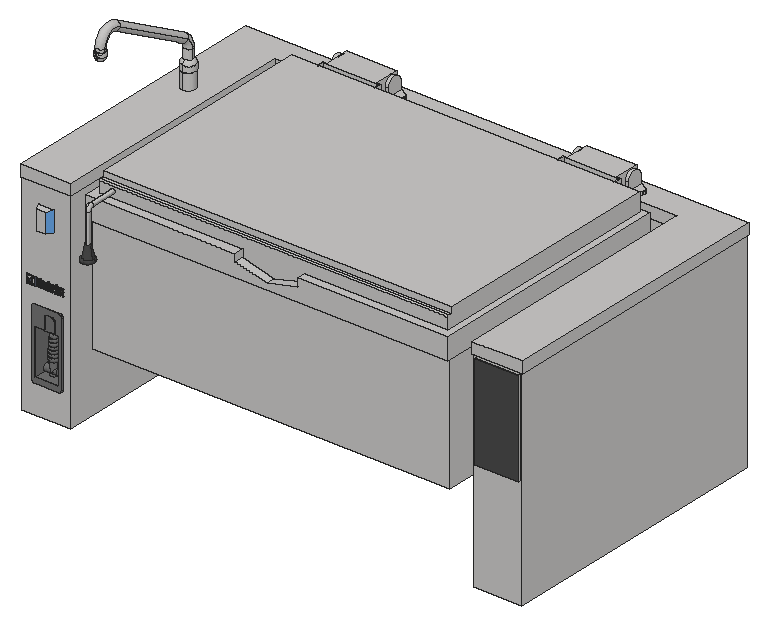
Revit family "QF_ELECTROLUXPROFESSIONAL_586932_PFET17ERES", category Specialty Equipment, Revit 2018
Family settings
  Round Connector Dimension = Use Radius
  Part Type = Normal
  Work Plane-Based = No
  Always vertical = Yes
  Cut with Voids When Loaded = No
  Shared = Yes
  Room Calculation Point = No
Parameters (values of type "Standard")
  Weight = 300.00 kg
  Watts = 0 W
  Volts = 400 V
  URL Manufacturer = "http://professional.electrolux.com"
  URL = "http://professional.electrolux.com"
  Steam Supply Size = 0"
  Steam Supply Minimum Pressure = 0.00 psi
  Steam Supply Maximum Pressure = 0.00 psi
  Steam Pounds per Hour = 0
  Show Logo [instance] = yes
  Refrigeration Suction Line Size = 0"
  Refrigeration Liquid Line Size = 0"
  Refrigerant Compressor Remote = yes
  Plinth Base Finish [instance] = QF_Finishes_Concrete
  Plinth Base [instance] = not(Base Height = 500.00 mm)  # yes
  Phase = 3
  Model = "PFET17ERES"
  Manufacturer = "Electrolux Professional"
  Length Actual = 1600.00 mm  # constant formula
  Item Number = "586932"
  Hot Water Size = 1/2"
  Height Actual = 700.00 mm  # constant formula
  HP = "27.6 HP"
  Gas Size = 0"
  Gas KW = 0
  Gas Input Pressure = 0.0 Btu/h
  Direct Waste Size = 0"
  Description = "EL.TILTING BRAISING PAN,AUTO H/C WATER INLET,SPRAY GUN, 170L, COMPOUND,H700,FS,D900,REAR CLS KIT,GUID.COOK.S"
  Depth Actual = 900.00 mm  # constant formula
  Cycle = 50 Hz
  Condensate Return Size = 0"
  Compressed Air Volume = 0 GPM
  Compressed Air Size = 0"
  Compressed Air Pressure = 0.00 psi
  Cold Water Size = 1/2"
  Bracket [instance] = Base Height = 500.00 mm  # no
  Body Finish [instance] = QF_Finishes_Stainless Steel
  Base Height = 200.00 mm
  Show Clearance [instance] = yes
  Assembly Code = ""
  Accessory = yes
Reference planes
  plane 1 "BACK": y = 0
  plane 2: z = 0
  plane 3 "LEFT": x = 0
  plane 4 "RIGHT": x = 1600
  plane 5 "FRONT": y = -900
  plane 6 "TOP": z = 900
  plane 7: z = 200
  plane 8 "Center": x = 800
  plane 9: y = -450
  plane 10: y = -920
  plane 11: z = 913.881
  plane 12: z = 1845
  plane 13: y = -971
Forms (mm)
  Extrusion 1, solid, material "QF_Finishes_Stainless Steel" <- "Body Finish"
    sketch origin (0, 0, 900) x (-1, 0, 0) y (0, -1, 0)
      loop
        line (0, 0) -> (0, 900) -> (-160, 900) -> (-160, 86) -> (-1440, 86) -> (-1440, 900) -> (-1600, 900) -> (-1600, 0) -> (0, 0)
    from 0 to -35
  Extrusion 2, solid, material "QF_Finishes_Stainless Steel" <- "Body Finish"
    sketch origin (0, 0, 0) x (1, 0, 0) y (0, 0, 1)
      loop
        line (157, 865) -> (157, 500) -> (1443, 500) -> (1443, 865) -> (157, 865)
    from 3 to 83
  Extrusion 3, solid, material "QF_Finishes_Stainless Steel" <- "Body Finish"
    sketch origin (0, 0, 0) x (1, 0, 0) y (0, 0, 1)
      loop
        line (230, 454.5) -> (1370, 454.5) -> (1370, 833) -> (230, 833) -> (230, 454.5)
    from 120.7 to 900
  Extrusion 4, solid, material "QF_Finishes_Stainless Steel" <- "Body Finish"
    sketch origin (-975.299, -4572, 900) x (-1, 0, 0) y (0, -1, 0)
      loop
        line (-1300.839, -4446.3) -> (-1304.839, -4446.3) -> (-1304.839, -4467) -> (-1480.839, -4467) -> (-1480.839, -4446.3) -> (-1484.839, -4446.3) -> (-1484.839, -4471) -> (-1472.239, -4471) -> (-1472.239, -4549.945) -> (-1313.239, -4549.945) -> (-1313.239, -4471) -> (-1300.839, -4471) -> (-1300.839, -4446.3)
      loop
        line (-2249.759, -4446.3) -> (-2249.759, -4471) -> (-2237.359, -4471) -> (-2237.359, -4549.945) -> (-2078.359, -4549.945) -> (-2078.359, -4471) -> (-2065.759, -4471) -> (-2065.759, -4446.3) -> (-2069.759, -4446.3) -> (-2069.759, -4467) -> (-2245.759, -4467) -> (-2245.759, -4446.3) -> (-2249.759, -4446.3)
    from 11 to 56
  Sweep 5, solid, material "QF_Finishes_Stainless Steel" <- "Body Finish"
    path origin (287.976, 0, 0) x (0, 1, 0) y (0, 0, 1)
      loop
        line (-890.7, 920) -> (-978.7, 920)
        arc (-978.7, 920) -> (-987.27, 916.45) -> (-990.819, 907.881) r 12.119
        line (-990.819, 907.881) -> (-990.819, 813.956)
    profile origin (287.976, -934.7, 920) x (0, 0, -1) y (1, 0, 0)
      loop
        circle (0, 0) r 6.119
  Revolve 6, solid, material "QF_Finishes_Black"
    sketch origin (0, -990.819, 0) x (1, 0, 0) y (0, 0, 1)
      loop
        line (287.976, 764.909) -> (304.041, 764.909)
        arc (304.041, 764.909) -> (309.041, 769.909) -> (304.041, 774.909) r 5
        line (304.041, 774.909) -> (296.452, 813.956) -> (287.976, 813.956) -> (287.976, 764.909)
      axis (287.976, 813.956) -> (287.976, 764.909)
    angle from 0 to 360
  Extrusion 7, void
    sketch origin (0, -820, 0) x (1, 0, 0) y (0, 0, 1)
      loop
        line (700.793, 900) -> (700.793, 876.744) -> (800.793, 851.202) -> (900.793, 876.744) -> (900.793, 900) -> (700.793, 900)
    from 70.7 to 100
  Extrusion 8, solid, material "QF_Finishes_Stainless Steel" <- "Body Finish"
    sketch origin (337.94, -101, 900) x (0, 1, 0) y (0, 0, -1)
      loop
        line (31, 0) -> (31, -32)
        arc (31, -32) -> (54.973, -55.973) -> (78.945, -32) r 23.973
        line (78.945, -32) -> (78.945, 0) -> (31, 0)
    from 0 to 12.9
  Extrusion 9, solid, material "QF_Finishes_Stainless Steel" <- "Body Finish"
    sketch origin (509.84, -101, 900) x (0, 1, 0) y (0, 0, -1)
      loop
        line (31, 0) -> (31, -32)
        arc (31, -32) -> (54.973, -55.973) -> (78.945, -32) r 23.973
        line (78.945, -32) -> (78.945, 0) -> (31, 0)
    from 0 to 12.9
  Extrusion 10, solid, material "QF_Finishes_Stainless Steel" <- "Body Finish"
    sketch origin (862.06, -101, 900) x (0, 1, 0) y (0, 0, 1)
      loop
        line (31, 0) -> (78.945, 0) -> (78.945, 32)
        arc (78.945, 32) -> (54.973, 55.973) -> (31, 32) r 23.973
        line (31, 32) -> (31, 0)
    from 400 to 412.9
  Extrusion 11, solid, material "QF_Finishes_Stainless Steel" <- "Body Finish"
    sketch origin (690.16, -101, 900) x (0, 1, 0) y (0, 0, 1)
      loop
        line (31, 0) -> (78.945, 0) -> (78.945, 32)
        arc (78.945, 32) -> (54.973, 55.973) -> (31, 32) r 23.973
        line (31, 32) -> (31, 0)
    from 400 to 412.9
  Extrusion 12, solid, material "QF_Finishes_Stainless Steel" <- "Body Finish"
    sketch origin (1443, -897, 0) x (1, 0, 0) y (0, 0, 1)
      loop
        line (7, 553.501) -> (147, 553.501) -> (147, 855) -> (7, 855) -> (7, 553.501)
    from 0 to 5
  Blend 13, solid, material "QF_Finishes_Stainless Steel" <- "Body Finish"
    base sketch origin (157, -897, 0) x (-1, 0, 0) y (0, 0, -1)
      loop
        line (100.5, -805.4) -> (100.5, -738.6) -> (53.5, -738.6) -> (53.5, -805.4) -> (100.5, -805.4)
    top sketch origin (157, -897, 0) x (-1, 0, 0) y (0, 0, -1)
      loop
        line (90.448, -802.617) -> (90.448, -741.383) -> (63.552, -741.383) -> (63.552, -802.617) -> (90.448, -802.617)
    from 0 to 20.065
  Extrusion 14, solid, material "QF_Finishes_Stainless Steel" <- "Body Finish"
    sketch origin (0, 0, 900) x (-1, 0, 0) y (0, -1, 0)
      loop
        line (-298.768, 36.346) -> (-295.234, 39.408) -> (-293.291, 43.662) -> (-293.291, 47.996) -> (-295.234, 52.592) -> (-298.768, 55.654) -> (-325.04, 70) -> (-325.04, 22) -> (-298.768, 36.346)
      loop
        line (-536.112, 36.346) -> (-509.84, 22) -> (-509.84, 70) -> (-536.112, 55.654) -> (-539.646, 52.592) -> (-541.589, 47.996) -> (-541.589, 43.662) -> (-539.646, 39.408) -> (-536.112, 36.346)
      loop
        line (-1063.888, 36.346) -> (-1060.354, 39.408) -> (-1058.411, 43.662) -> (-1058.411, 47.996) -> (-1060.354, 52.592) -> (-1063.888, 55.654) -> (-1090.16, 70) -> (-1090.16, 22) -> (-1063.888, 36.346)
      loop
        line (-1301.232, 36.346) -> (-1274.96, 22) -> (-1274.96, 70) -> (-1301.232, 55.654) -> (-1304.766, 52.592) -> (-1306.709, 47.996) -> (-1306.709, 43.662) -> (-1304.766, 39.408) -> (-1301.232, 36.346)
    from 0 to 8
  Extrusion 15, solid, material "QF_Finishes_Stainless Steel" <- "Body Finish"
    sketch origin (0, 0, 0) x (0, 1, 0) y (0, 0, 1)
      loop
        line (-875.7, 957.5) -> (-875.7, 939.75) -> (-887.664, 939.75)
        arc (-887.664, 939.75) -> (-889.835, 938.566) -> (-890.7, 936.25) r 3.536
        line (-890.7, 936.25) -> (-890.7, 900) -> (-125.7, 900) -> (-125.7, 957.5) -> (-875.7, 957.5)
    from 245.454 to 1355.493
  Revolve 16, solid, material "QF_Finishes_Stainless Steel" <- "Body Finish"
    sketch origin (-975.299, -4572, 730) x (-1, 0, 0) y (0, -1, 0)
      loop
        line (-1205.299, -4000) -> (-1138.736, -4000) -> (-1138.736, -4030) -> (-1132.299, -4030) -> (-1132.299, -3943) -> (-1205.299, -3943) -> (-1205.299, -4000)
      loop
        line (-2345.299, -4000) -> (-2345.299, -3943) -> (-2418.299, -3943) -> (-2418.299, -4030) -> (-2411.861, -4030) -> (-2411.861, -4000) -> (-2345.299, -4000)
      axis (-1132.299, -3943) -> (-2418.299, -3943)
    angle from 0 to 360
  Extrusion 17, solid, material "QF_Finishes_Stainless Steel" <- "Body Finish", visible <- "Bracket"
    sketch origin (0, 0, -400) x (0, 1, 0) y (0, 0, 1)
      loop
        line (0, 900) -> (-200, 900) -> (-200, 850) -> (-136.36, 786.36) -> (0, 786.36) -> (0, 900)
    from 25.741 to 134.773
  Extrusion 18, solid, material "QF_Finishes_Stainless Steel" <- "Body Finish", visible <- "Bracket"
    sketch origin (1040, 0, -400) x (0, 1, 0) y (0, 0, 1)
      loop
        line (0, 900) -> (-200, 900) -> (-200, 850) -> (-136.36, 786.36) -> (0, 786.36) -> (0, 900)
    from 425.741 to 534.773
  Extrusion 19, solid, material "QF_Finishes_Stainless Steel" <- "Body Finish"
    sketch origin (-975.299, -4572, 900) x (-1, 0, 0) y (0, -1, 0)
      loop
        line (-1199.802, -4456.3) -> (-1199.802, -3652) -> (-2353.192, -3652) -> (-2353.192, -4456.3) -> (-1199.802, -4456.3)
    from -67 to 0
  Extrusion 20, solid, material "QF_Finishes_Clearance", visible <- "Show Clearance", detail levels coarse
    sketch origin (337.94, -101, 900) x (0, 1, 0) y (0, 0, -1)
      loop
        line (-159.261, -945) -> (78.945, -56) -> (-791.055, -56)
        arc (-791.055, -56) -> (-654.561, -627.998) -> (-159.261, -945) r 785.603
    from -1017.553 to 92.486
  Extrusion 21, solid, material "QF_Finishes_Clearance", visible <- "Show Clearance", detail levels coarse
    sketch origin (600, 0, 0) x (0, 1, 0) y (0, 0, 1)
      loop
        line (-900, 450.365) -> (-900, 833) -> (-920, 833) -> (-920, 900)
        arc (-920, 900) -> (-971.101, 672.465) -> (-900, 450.365) r 444.593
    from -375.497 to 777.893
  Extrusion 22, solid, material "QF_Finishes_Stainless Steel"
    sketch origin (0, 0, 386.36) x (0, 0, 1) y (1, 0, 0)
      loop
        circle (8.64, 106.204) r 6.35
      loop
        circle (8.64, 46.204) r 6.35
    from 0 to 5
  Extrusion 23, solid, material "QF_Finishes_Stainless Steel"
    sketch origin (1040, 0, 386.36) x (0, 0, 1) y (1, 0, 0)
      loop
        circle (8.64, 481.204) r 6.35
    from 0 to 5
  Extrusion 24, solid, material "QF_Finishes_Stainless Steel" <- "Body Finish"
    sketch origin (0, -100, 0) x (1, 0, 0) y (0, 1, 0)
      loop
        line (157, 97) -> (3, 97) -> (3, -797) -> (157, -797) -> (157, 97)
      loop
        line (1597, 97) -> (1443, 97) -> (1443, -797) -> (1597, -797) -> (1597, 97)
    from 200 to 865
  Extrusion 25, solid, material "Navy Blue", visible <- "Show Logo"
    sketch origin (160, -897, 0) x (-1, 0, 0) y (0, 0, -1)
      loop
        line (101.332, -593.18) -> (109.793, -593.18) -> (109.793, -583.327)
        arc (109.793, -583.327) -> (108.679, -580.639) -> (105.991, -579.525) r 3.802
        line (105.991, -579.525) -> (101.168, -579.525) -> (101.168, -581.736) -> (105.441, -581.736)
        arc (105.441, -581.736) -> (106.845, -582.21) -> (107.442, -583.566) r 1.838
        line (107.442, -583.566) -> (107.442, -585.52) -> (101.698, -585.52) -> (101.698, -587.738) -> (107.442, -587.738) -> (107.442, -590.968) -> (101.332, -590.968) -> (101.332, -593.18)
      loop
        line (99.498, -593.18) -> (99.498, -579.525) -> (97.146, -579.525) -> (97.146, -593.18) -> (99.498, -593.18)
      loop
        line (48.417, -593.18) -> (48.417, -579.525) -> (46.064, -579.525) -> (46.064, -593.18) -> (48.417, -593.18)
      loop
        line (93.257, -583.886) -> (85.539, -583.886)
        arc (85.539, -583.886) -> (86.746, -588.126) -> (90.874, -589.672) r 4.89
        arc (90.874, -589.672) -> (94.51, -587.828) -> (95.548, -583.886) r 4.976
        arc (95.548, -583.886) -> (94.182, -580.589) -> (90.886, -579.224) r 4.662
        arc (90.886, -579.224) -> (88.32, -579.602) -> (86.169, -581.05) r 5.86
        line (86.169, -581.05) -> (87.562, -582.444)
        arc (87.562, -582.444) -> (89.391, -581.347) -> (91.516, -581.531) r 3.458
        arc (91.516, -581.531) -> (92.812, -582.394) -> (93.257, -583.886) r 2.29
      loop
        line (93.198, -585.539) -> (87.902, -585.539)
        arc (87.902, -585.539) -> (88.645, -587.103) -> (90.278, -587.679) r 2.256
        arc (90.278, -587.679) -> (92.162, -587.188) -> (93.198, -585.539) r 2.64
      loop
        line (76.371, -586.524) -> (74.894, -588)
        arc (74.894, -588) -> (76.746, -589.341) -> (78.997, -589.742) r 5.117
        arc (78.997, -589.742) -> (82.429, -588.487) -> (84.231, -585.308) r 5.293
        arc (84.231, -585.308) -> (81.194, -579.733) -> (74.977, -581.018) r 5.33
        line (74.977, -581.018) -> (76.446, -582.487)
        arc (76.446, -582.487) -> (79.616, -581.438) -> (81.887, -583.886) r 3.088
        arc (81.887, -583.886) -> (81.729, -585.821) -> (80.396, -587.234) r 2.933
        arc (80.396, -587.234) -> (78.264, -587.559) -> (76.371, -586.524) r 3.369
      loop
        line (73.45, -593.18) -> (73.45, -583.849)
        arc (73.45, -583.849) -> (73.246, -582.449) -> (72.722, -581.135) r 6.031
        arc (72.722, -581.135) -> (71.044, -579.8) -> (68.918, -579.519) r 4.018
        line (68.918, -579.519) -> (68.918, -581.723)
        arc (68.918, -581.723) -> (69.55, -581.771) -> (70.139, -582.005) r 2.118
        arc (70.139, -582.005) -> (70.895, -582.804) -> (71.098, -583.886) r 1.949
        line (71.098, -583.886) -> (71.098, -587.265) -> (68.962, -587.265) -> (68.962, -589.401) -> (71.098, -589.401) -> (71.098, -593.18) -> (73.45, -593.18)
      loop
        arc (64.65, -584.717) -> (64.482, -585.701) -> (63.997, -586.574) r 2.967
        arc (63.997, -586.574) -> (62.588, -587.297) -> (61.004, -587.265) r 3.231
        line (61.004, -587.265) -> (61.004, -589.525)
        arc (61.004, -589.525) -> (63.073, -589.33) -> (64.65, -587.977) r 3.432
        line (64.65, -587.977) -> (64.65, -589.401) -> (66.983, -589.401) -> (66.983, -579.525) -> (64.65, -579.525) -> (64.65, -584.717)
      loop
        circle (55.254, -584.461) r 5.233
      loop
        circle (55.254, -584.461) r 3.172
      loop
        arc (37.582, -583.638) -> (38.162, -582.041) -> (39.738, -581.405) r 2.088
        arc (39.738, -581.405) -> (41.313, -582.041) -> (41.894, -583.638) r 2.088
        line (41.894, -583.638) -> (41.894, -589.401) -> (44.266, -589.401) -> (44.266, -583.442)
        arc (44.266, -583.442) -> (42.916, -580.365) -> (39.738, -579.275) r 4.181
        arc (39.738, -579.275) -> (36.524, -580.398) -> (35.211, -583.539) r 4.181
        line (35.211, -583.539) -> (35.211, -589.401) -> (37.582, -589.401) -> (37.582, -583.638)
      loop
        line (33.789, -589.401) -> (30.374, -584.764) -> (34.126, -579.522) -> (31.598, -579.522) -> (29.107, -583.001) -> (26.58, -579.522) -> (24.068, -579.522) -> (27.767, -584.817) -> (24.385, -589.401) -> (26.952, -589.401) -> (29.115, -586.469) -> (31.245, -589.401) -> (33.789, -589.401)
      loop
        line (108.47, -573.865) -> (110.346, -573.865) -> (110.346, -569.143) -> (109.319, -569.143) -> (109.319, -570.769) -> (108.185, -570.769)
        arc (108.185, -570.769) -> (106.916, -572.447) -> (108.47, -573.865) r 1.561
      loop
        arc (108.23, -571.697) -> (107.841, -572.304) -> (108.23, -572.911) r 0.668
        line (108.23, -572.911) -> (109.319, -572.911) -> (109.319, -571.697) -> (108.23, -571.697)
      loop
        line (101.061, -573.865) -> (102.968, -573.865) -> (102.968, -569.143) -> (101.942, -569.143) -> (101.942, -570.769) -> (100.949, -570.769) -> (100.27, -569.143) -> (99.168, -569.143) -> (100.097, -571.134)
        arc (100.097, -571.134) -> (99.652, -571.665) -> (99.502, -572.343) r 1.458
        arc (99.502, -572.343) -> (99.971, -573.421) -> (101.061, -573.865) r 1.559
      loop
        line (101.942, -572.911) -> (101.942, -571.697) -> (100.852, -571.697)
        arc (100.852, -571.697) -> (100.464, -572.304) -> (100.852, -572.911) r 0.668
        line (100.852, -572.911) -> (101.942, -572.911)
      loop
        circle (93.139, -571.504) r 2.453
      loop
        circle (93.139, -571.504) r 1.557
      loop
        line (86.655, -573.865) -> (86.655, -569.143) -> (85.654, -569.143) -> (85.654, -570.793) -> (83.876, -570.793) -> (83.876, -571.851) -> (85.654, -571.851) -> (85.654, -572.847) -> (83.706, -572.847) -> (83.706, -573.865) -> (86.655, -573.865)
      loop
        line (79.724, -573.865) -> (79.724, -570.677)
        arc (79.724, -570.677) -> (79.288, -569.596) -> (78.213, -569.146) r 1.51
        line (78.213, -569.146) -> (76.689, -569.146) -> (76.689, -570.038) -> (78.122, -570.038)
        arc (78.122, -570.038) -> (78.65, -570.475) -> (78.753, -571.151) r 0.961
        line (78.753, -571.151) -> (76.866, -571.151) -> (76.866, -572.043) -> (78.753, -572.043) -> (78.753, -572.973) -> (76.735, -572.973) -> (76.735, -573.865) -> (79.724, -573.865)
      loop
        arc (62.624, -573.267) -> (63.249, -573.78) -> (64.041, -573.943) r 1.69
        arc (64.041, -573.943) -> (64.773, -573.764) -> (65.374, -573.31) r 1.872
        arc (65.374, -573.31) -> (65.486, -572.238) -> (64.794, -571.411) r 1.385
        arc (64.794, -571.411) -> (64.212, -571.217) -> (63.66, -570.95) r 4.78
        arc (63.66, -570.95) -> (63.312, -570.539) -> (63.552, -570.057) r 0.489
        arc (63.552, -570.057) -> (63.998, -569.952) -> (64.442, -570.065) r 0.963
        arc (64.442, -570.065) -> (64.826, -570.341) -> (65.061, -570.752) r 1.118
        line (65.061, -570.752) -> (65.887, -570.367)
        arc (65.887, -570.367) -> (65.589, -569.793) -> (65.11, -569.36) r 1.815
        arc (65.11, -569.36) -> (64.566, -569.127) -> (63.978, -569.068) r 1.957
        arc (63.978, -569.068) -> (63.25, -569.213) -> (62.595, -569.561) r 2.556
        arc (62.595, -569.561) -> (62.305, -570.331) -> (62.455, -571.139) r 1.535
        arc (62.455, -571.139) -> (62.778, -571.512) -> (63.19, -571.781) r 1.779
        arc (63.19, -571.781) -> (63.712, -572.014) -> (64.248, -572.215) r 9.371
        arc (64.248, -572.215) -> (64.557, -572.696) -> (64.11, -573.053) r 0.427
        arc (64.11, -573.053) -> (63.575, -572.924) -> (63.163, -572.558) r 1.135
        line (63.163, -572.558) -> (62.624, -573.267)
      loop
        line (58.291, -573.865) -> (58.291, -569.146) -> (57.321, -569.146) -> (57.321, -573.865) -> (58.291, -573.865)
      loop
        circle (50.779, -571.506) r 1.468
      loop
        circle (50.779, -571.506) r 2.451
      loop
        line (44.27, -569.146) -> (43.289, -569.146) -> (43.289, -572.113) -> (41.131, -569.146) -> (40.187, -569.146) -> (40.187, -573.865) -> (41.168, -573.865) -> (41.168, -570.808) -> (43.326, -573.865) -> (44.27, -573.865) -> (44.27, -569.146)
      loop
        line (35.295, -569.146) -> (34.836, -570.164) -> (33.09, -570.164) -> (32.631, -569.146) -> (31.588, -569.146) -> (33.581, -573.865) -> (34.491, -573.865) -> (36.337, -569.146) -> (35.295, -569.146)
      loop
        line (33.526, -571.132) -> (33.993, -572.169) -> (34.447, -571.132) -> (33.526, -571.132)
      loop
        line (26.769, -570.038) -> (26.769, -573.865) -> (27.739, -573.865) -> (27.739, -569.146) -> (24.954, -569.146) -> (24.954, -570.038) -> (26.769, -570.038)
      loop
        arc (69.698, -573.267) -> (70.324, -573.78) -> (71.116, -573.943) r 1.69
        arc (71.116, -573.943) -> (71.847, -573.764) -> (72.449, -573.31) r 1.872
        arc (72.449, -573.31) -> (72.56, -572.238) -> (71.868, -571.411) r 1.385
        arc (71.868, -571.411) -> (71.287, -571.217) -> (70.735, -570.95) r 4.78
        arc (70.735, -570.95) -> (70.386, -570.539) -> (70.627, -570.057) r 0.489
        arc (70.627, -570.057) -> (71.073, -569.952) -> (71.517, -570.065) r 0.963
        arc (71.517, -570.065) -> (71.901, -570.341) -> (72.136, -570.752) r 1.118
        line (72.136, -570.752) -> (72.961, -570.367)
        arc (72.961, -570.367) -> (72.664, -569.793) -> (72.184, -569.36) r 1.815
        arc (72.184, -569.36) -> (71.64, -569.127) -> (71.052, -569.068) r 1.957
        arc (71.052, -569.068) -> (70.325, -569.213) -> (69.669, -569.561) r 2.556
        arc (69.669, -569.561) -> (69.38, -570.331) -> (69.529, -571.139) r 1.535
        arc (69.529, -571.139) -> (69.852, -571.512) -> (70.265, -571.781) r 1.779
        arc (70.265, -571.781) -> (70.787, -572.014) -> (71.322, -572.215) r 9.371
        arc (71.322, -572.215) -> (71.632, -572.696) -> (71.185, -573.053) r 0.427
        arc (71.185, -573.053) -> (70.649, -572.924) -> (70.238, -572.558) r 1.135
        line (70.238, -572.558) -> (69.698, -573.267)
      loop
        line (124.467, -593.367) -> (124.467, -568.534)
        arc (124.467, -568.534) -> (115.287, -580.95) -> (124.467, -593.367) r 12.987
      loop
        arc (125.423, -593.446) -> (135.891, -591.227) -> (141.022, -581.837) r 12.809
        line (141.022, -581.837) -> (135.422, -581.837)
        arc (135.422, -581.837) -> (128.84, -585.012) -> (125.423, -591.472) r 11.707
        line (125.423, -591.472) -> (125.423, -593.446)
      loop
        arc (125.73, -570.332) -> (129.585, -577.251) -> (136.925, -580.23) r 11.93
        line (136.925, -580.23) -> (141.033, -580.23)
        arc (141.033, -580.23) -> (136.066, -570.804) -> (125.73, -568.215) r 13.06
        line (125.73, -568.215) -> (125.73, -570.332)
      loop
        line (141.976, -594.722) -> (141.976, -567.122) -> (114.339, -567.122) -> (114.339, -594.722) -> (141.976, -594.722)
    from 0 to 0.697
  Extrusion 26, void
    sketch origin (0, -900, 0) x (1, 0, 0) y (0, 0, 1)
      loop
        line (125.4, 500.944) -> (43.4, 500.944) -> (43.4, 305.944) -> (125.4, 305.944) -> (125.4, 500.944)
    from 0 to -63
Cuts and joins
  Extrusion 7 cuts Extrusion 19
  joined: Extrusion 3, Extrusion 15, Extrusion 19
  Extrusion 26 cuts Extrusion 24
Lines and regions (mm)
  Split face 1
    outline origin (1443, -902, 0) x (1, 0, 0) y (0, 0, 1)
      loop
        line (7.625, 638.501) -> (7.625, 554.126) -> (146.375, 554.126) -> (146.375, 638.501) -> (7.625, 638.501)
  Split face 2
    outline origin (1443, -902, 0) x (1, 0, 0) y (0, 0, 1)
      loop
        line (21.373, 638.501) -> (132.623, 638.501) -> (132.623, 843.501) -> (21.373, 843.501) -> (21.373, 638.501)
  symbolic lines
    curve 1: line (1600, 0, 900) -> (0, 0, 900)
    curve 2: line (1600, -900, 900) -> (1600, 0, 900)
    curve 3: line (1440, -900, 900) -> (1600, -900, 900)
    curve 4: line (1440, -86, 900) -> (1440, -900, 900)
    curve 5: line (0, 0, 900) -> (0, -900, 900)
    curve 6: line (160, -900, 900) -> (160, -86, 900)
    curve 7: line (0, -900, 900) -> (160, -900, 900)
    curve 8: line (160, -86, 900) -> (337.94, -86, 900)
    curve 9: line (496.94, -86, 900) -> (1103.06, -86, 900)
    curve 10: line (1262.06, -86, 900) -> (1440, -86, 900)
    curve 11: line (224.503, -115.7, 900) -> (325.54, -115.7, 900)
    curve 12: line (329.54, -115.7, 900) -> (505.54, -115.7, 900)
    curve 13: line (509.54, -115.7, 900) -> (1090.46, -115.7, 900)
    curve 14: line (1094.46, -115.7, 900) -> (1270.46, -115.7, 900)
    curve 15: line (1377.893, -115.7, 900) -> (1274.46, -115.7, 900)
    curve 16: line (1377.893, -115.7, 900) -> (1377.893, -920, 900)
    curve 17: line (224.503, -115.7, 900) -> (224.503, -920, 900)
    curve 18: line (1440, -572, 900) -> (1377.893, -572, 900)
    curve 19: line (1440, -686, 900) -> (1377.893, -686, 900)
    curve 20: line (160, -572, 900) -> (224.503, -572, 900)
    curve 21: line (160, -686, 900) -> (224.503, -686, 900)
  symbolic lines, style "QF-Clearances", visible <- "Show Clearance", detail levels coarse
    curve 22: line (550, -550, 900) -> (1050, -550, 900)
    curve 23: line (550, -1750, 900) -> (550, -550, 900)
    curve 24: line (1050, -1750, 900) -> (550, -1750, 900)
    curve 25: line (1050, -550, 900) -> (1050, -1750, 900)
    curve 26: line (550, -1150, 900) -> (750, -1750, 900)
    curve 27: line (1050, -1150, 900) -> (850, -1750, 900)
    curve 28: circle (800, -1700, 900) r 25 normal (0, 0, 1)
Dimensions and locks
  plane 3 "LEFT" to plane 4 "RIGHT" = 1600.00 mm
  plane 4 "RIGHT" to plane 3 "LEFT" = 1600.00 mm
  plane 1 "BACK" to plane 5 "FRONT" = 900.00 mm
  plane 5 "FRONT" to plane 1 "BACK" = 900.00 mm
  plane 6 "TOP" to level = 900.00 mm
  "Base Height": plane 7 to level
  equal spacing: plane 5 "FRONT", plane 9, plane 1 "BACK"
  equal spacing: plane 3 "LEFT", plane 8 "Center", plane 4 "RIGHT"
  plane 10 to plane 1 "BACK" = 920.00 mm
  plane 6 "TOP" to Extrusion 3 sketch curve to Extrusion 3 sketch curve = 67.00 mm locked, 378.50 mm locked
  plane 6 "TOP" to Extrusion 12 sketch curve to Extrusion 12 sketch curve = 45.00 mm locked, 301.499 mm locked
  plane 6 "TOP" to Extrusion 17 sketch curve to Extrusion 17 sketch curve to Extrusion 17 sketch curve = 400.00 mm locked, 50.00 mm locked, 63.64 mm locked
  plane 6 "TOP" to Extrusion 18 sketch curve to Extrusion 18 sketch curve to Extrusion 18 sketch curve = 400.00 mm locked, 50.00 mm locked, 63.64 mm locked
  locked: cut or joined group of Extrusion 3, Extrusion 7, Extrusion 15, Extrusion 19 to plane 4 "RIGHT" at 244.507
  Extrusion 14 sketch curve to Extrusion 14 sketch curve to Extrusion 8 to Extrusion 4 to Extrusion 14 sketch curve to Extrusion 14 sketch curve = 31.749 mm locked, 12.90 mm locked, 159.00 mm locked, 12.90 mm locked, 31.749 mm locked
  plane 4 "RIGHT" to Extrusion 10 to Extrusion 10 to Extrusion 11 to Extrusion 11 = 325.04 mm locked, 12.90 mm locked, 159.00 mm locked, 12.90 mm locked
  Extrusion 9 to Extrusion 9 to Extrusion 8 to Extrusion 8 to plane 3 "LEFT" = 12.90 mm locked, 159.00 mm locked, 12.90 mm locked, 325.04 mm locked
  Extrusion 14 sketch curve to Extrusion 14 sketch curve to Extrusion 14 sketch curve to Extrusion 14 sketch curve to plane 4 "RIGHT" = 31.749 mm locked, 184.80 mm locked, 31.749 mm locked, 293.291 mm locked
  Extrusion 4 sketch curve to Extrusion 4 sketch curve to Extrusion 4 sketch curve to Extrusion 4 sketch curve to Extrusion 4 sketch curve to Extrusion 4 sketch curve to plane 4 "RIGHT" = 4.00 mm locked, 8.60 mm locked, 159.00 mm locked, 8.40 mm locked, 4.00 mm locked, 325.54 mm locked
  Extrusion 18 to Extrusion 18 to plane 4 "RIGHT" = 109.032 mm locked, 25.227 mm locked
  Extrusion 7 sketch curve to plane 8 "Center" to Extrusion 7 sketch curve = 100.793 mm locked, 99.207 mm locked
  Extrusion 15 sketch curve to Extrusion 15 sketch curve to Extrusion 15 sketch curve to plane 5 "FRONT" = 11.964 mm locked, 3.036 mm locked, 9.30 mm locked
  locked: Extrusion 19 sketch curve to plane 5 "FRONT" at 20
  cut or joined group of Extrusion 3, Extrusion 7, Extrusion 15, Extrusion 19 to cut or joined group of Extrusion 3, Extrusion 7, Extrusion 15, Extrusion 19 to cut or joined group of Extrusion 3, Extrusion 7, Extrusion 15, Extrusion 19 = 0.00 mm locked, 29.30 mm locked
  Sweep 5 sketch curve to plane 5 "FRONT" to Sweep 5 sketch curve to Sweep 5 sketch curve = 9.30 mm locked, 78.70 mm locked, 12.119 mm locked
  locked: plane 5 "FRONT" to Revolve 6 at 90.819
  plane 6 "TOP" to Extrusion 2 sketch curve to Extrusion 2 sketch curve = 35.00 mm locked, 365.00 mm locked
  plane 12 to plane 6 "TOP" = 945.00 mm
  plane 1 "BACK" to plane 13 = 971.00 mm
  locked: Extrusion 21 to plane 4 "RIGHT" at 222.107
  Extrusion 21 sketch curve to Extrusion 21 sketch curve to Extrusion 21 sketch curve to cut or joined group of Extrusion 3, Extrusion 7, Extrusion 15, Extrusion 19 = 51.54 mm locked, 20.00 mm locked, 9.30 mm locked
  Extrusion 21 sketch curve to Extrusion 21 sketch curve to Extrusion 21 sketch curve = 67.00 mm locked, 382.635 mm locked
  aligned and locked: level to plane 2
  aligned: plane 6 "TOP" to Extrusion 1
  aligned and locked: plane 6 "TOP" to Extrusion 1
  aligned and locked: Revolve 16 to cut or joined group of Extrusion 3, Extrusion 7, Extrusion 15, Extrusion 19
  aligned and locked: cut or joined group of Extrusion 3, Extrusion 7, Extrusion 15, Extrusion 19 to Revolve 16
  aligned and locked: plane 5 "FRONT" to cut or joined group of Extrusion 3, Extrusion 7, Extrusion 15, Extrusion 19
  aligned: cut or joined group of Extrusion 3, Extrusion 7, Extrusion 15, Extrusion 19 to Sweep 5 sketch curve
  aligned: cut or joined group of Extrusion 3, Extrusion 7, Extrusion 15, Extrusion 19 to plane 10
  aligned: Sweep 5 to cut or joined group of Extrusion 3, Extrusion 7, Extrusion 15, Extrusion 19
  aligned and locked: Extrusion 19 to Extrusion 7
  aligned: Extrusion 2 to cut or joined group of Extrusion 3, Extrusion 7, Extrusion 15, Extrusion 19
  aligned and locked: Extrusion 20 to cut or joined group of Extrusion 3, Extrusion 7, Extrusion 15, Extrusion 19  (x2)
  aligned and locked: cut or joined group of Extrusion 3, Extrusion 7, Extrusion 15, Extrusion 19 to Extrusion 21
  aligned and locked: Extrusion 4 to curve 9  (x2)
  aligned and locked: curve 8 to Extrusion 1
  aligned and locked: Extrusion 4 to curve 13  (x2)
  aligned and locked: Extrusion 4 to curve 12  (x2)
  aligned and locked: Extrusion 4 to curve 11
  aligned and locked: curve 17 to cut or joined group of Extrusion 3, Extrusion 7, Extrusion 15, Extrusion 19
  aligned and locked: curve 6 to Extrusion 1
  aligned and locked: Extrusion 4 to curve 14
Automatic sketch dimensions
  Extrusion 17 sketch curve to plane 1 "BACK" = 0.00 mm
  plane 1 "BACK" to Extrusion 17 sketch curve = 136.36 mm
  Extrusion 17 sketch curve to Extrusion 17 sketch curve = 63.64 mm
  Extrusion 18 sketch curve to plane 1 "BACK" = 0.00 mm
  plane 1 "BACK" to Extrusion 18 sketch curve = 136.36 mm
  Extrusion 18 sketch curve to Extrusion 18 sketch curve = 63.64 mm
  plane 1 "BACK" to Extrusion 1 sketch curve = 0.00 mm
  Extrusion 1 sketch curve to plane 4 "RIGHT" = 0.00 mm
  plane 5 "FRONT" to Extrusion 1 sketch curve = 0.00 mm  (x2)
  Extrusion 1 sketch curve to plane 3 "LEFT" = 0.00 mm
  Extrusion 1 sketch curve to plane 4 "RIGHT" = 160.00 mm
  plane 3 "LEFT" to Extrusion 1 sketch curve = 160.00 mm
  plane 1 "BACK" to Extrusion 1 sketch curve = 86.00 mm
  plane 3 "LEFT" to Extrusion 2 sketch curve = 157.00 mm
  Extrusion 2 sketch curve to plane 4 "RIGHT" = 157.00 mm
  plane 3 "LEFT" to Extrusion 3 sketch curve = 230.00 mm
  Extrusion 3 sketch curve to plane 4 "RIGHT" = 230.00 mm
  plane 1 "BACK" to Extrusion 4 sketch curve = 101.00 mm
  Extrusion 4 sketch curve to plane 8 "Center" = 290.46 mm
  Extrusion 4 sketch curve to Extrusion 4 sketch curve = 4.00 mm  (x4)
  Extrusion 4 sketch curve to Extrusion 4 sketch curve = 8.60 mm
  plane 1 "BACK" to Extrusion 4 sketch curve = 22.055 mm  (x2)
  Extrusion 4 sketch curve to Extrusion 4 sketch curve = 159.00 mm
  Extrusion 4 sketch curve to Extrusion 4 sketch curve = 8.40 mm
  Extrusion 4 sketch curve to Extrusion 4 sketch curve = 78.945 mm  (x3)
  Extrusion 4 sketch curve to Extrusion 4 sketch curve = 20.70 mm  (x4)
  plane 6 "TOP" to Sweep 5 sketch curve = 7.881 mm
  Sweep 5 sketch curve to plane 6 "TOP" = 86.044 mm
  Sweep 5 sketch curve to profile plane = 0.00 mm  (x2)
  Revolve 6 sketch curve to plane 6 "TOP" = 135.091 mm
  plane 3 "LEFT" to Revolve 6 sketch curve = 287.976 mm
  Revolve 6 sketch curve to plane 6 "TOP" = 86.044 mm
  Revolve 6 sketch curve to Revolve 6 sketch curve = 8.475 mm
  Revolve 6 sketch curve to Revolve 6 sketch curve = 16.065 mm
  Revolve 6 sketch curve to Revolve 6 sketch curve = 5.00 mm
  Revolve 6 sketch curve to Revolve 6 sketch curve = 0.00 mm
  Revolve 6 sketch curve to Revolve 6 sketch curve = 19.523 mm
  Revolve 6 sketch curve to Revolve 6 sketch curve = 6.381 mm
  plane 8 "Center" to Extrusion 7 sketch curve = 0.793 mm
  Extrusion 7 sketch curve to plane 6 "TOP" = 48.798 mm
  Extrusion 7 sketch curve to plane 6 "TOP" = 23.256 mm  (x2)
  plane 6 "TOP" to Extrusion 7 sketch curve = 0.00 mm
  Extrusion 8 sketch curve to Extrusion 4 = 0.00 mm
  Extrusion 4 to Extrusion 8 sketch curve = 23.973 mm
  Extrusion 4 to Extrusion 8 sketch curve = 21.00 mm
  Extrusion 8 sketch curve to Extrusion 4 = 11.00 mm
  Extrusion 9 sketch curve to plane 6 "TOP" = 0.00 mm
  plane 1 "BACK" to Extrusion 9 sketch curve = 70.00 mm
  Extrusion 9 sketch curve to Extrusion 9 sketch curve = 23.973 mm
  plane 6 "TOP" to Extrusion 9 sketch curve = 32.00 mm
  Extrusion 10 sketch curve to plane 6 "TOP" = 0.00 mm
  plane 1 "BACK" to Extrusion 10 sketch curve = 70.00 mm
  Extrusion 10 sketch curve to Extrusion 10 sketch curve = 23.973 mm
  Extrusion 10 sketch curve to Extrusion 10 sketch curve = 32.00 mm
  Extrusion 11 sketch curve to plane 6 "TOP" = 0.00 mm
  plane 1 "BACK" to Extrusion 11 sketch curve = 70.00 mm
  Extrusion 11 sketch curve to Extrusion 11 sketch curve = 23.973 mm
  Extrusion 11 sketch curve to Extrusion 11 sketch curve = 32.00 mm
  Extrusion 12 sketch curve to plane 4 "RIGHT" = 150.00 mm
  Extrusion 12 sketch curve to plane 4 "RIGHT" = 10.00 mm
  plane 3 "LEFT" to Blend 13 sketch curve = 103.50 mm
  Blend 13 sketch curve to Blend 13 sketch curve = 47.00 mm
  Blend 13 sketch curve to plane 6 "TOP" = 94.60 mm
  Blend 13 sketch curve to Blend 13 sketch curve = 66.80 mm
  plane 3 "LEFT" to Blend 13 sketch curve = 93.448 mm
  Blend 13 sketch curve to Blend 13 sketch curve = 26.896 mm
  Blend 13 sketch curve to plane 6 "TOP" = 97.383 mm
  Blend 13 sketch curve to Blend 13 sketch curve = 61.233 mm
  plane 1 "BACK" to Extrusion 14 sketch curve = 52.592 mm  (x4)
  Extrusion 14 sketch curve to Extrusion 14 sketch curve = 1.943 mm  (x4)
  plane 1 "BACK" to Extrusion 14 sketch curve = 39.408 mm  (x4)
  plane 1 "BACK" to Extrusion 14 sketch curve = 36.346 mm  (x4)
  Extrusion 14 sketch curve to Extrusion 14 sketch curve = 3.534 mm  (x8)
  plane 1 "BACK" to Extrusion 14 sketch curve = 55.654 mm  (x4)
  Extrusion 14 sketch curve to Extrusion 14 sketch curve = 5.477 mm  (x4)
  plane 1 "BACK" to Extrusion 14 sketch curve = 22.00 mm  (x4)
  Extrusion 14 sketch curve to Extrusion 14 sketch curve = 4.254 mm  (x4)
  Extrusion 14 sketch curve to Extrusion 14 sketch curve = 4.334 mm  (x4)
  Extrusion 14 sketch curve to Extrusion 14 sketch curve = 14.346 mm  (x4)
  Extrusion 15 sketch curve to plane 6 "TOP" = 0.00 mm
  Extrusion 15 sketch curve to Extrusion 15 sketch curve = 3.536 mm
  plane 1 "BACK" to Extrusion 15 sketch curve = 125.70 mm
  Extrusion 15 sketch curve to Extrusion 15 sketch curve = 36.25 mm
  Extrusion 15 sketch curve to Extrusion 15 sketch curve = 57.50 mm
  Revolve 16 sketch curve to plane 4 "RIGHT" = 157.00 mm
  Revolve 16 sketch curve to Revolve 16 sketch curve = 6.437 mm  (x2)
  Revolve 16 sketch curve to Revolve 16 sketch curve = 66.563 mm  (x2)
  plane 3 "LEFT" to Revolve 16 sketch curve = 230.00 mm
  Revolve 16 sketch curve to plane 9 = 92.00 mm  (x2)
  Revolve 16 sketch curve to Revolve 16 sketch curve = 30.00 mm  (x2)
  Revolve 16 sketch curve to Revolve 16 sketch curve = 57.00 mm  (x2)
  Revolve 16 sketch curve to Revolve 16 sketch curve = 5.497 mm  (x2)
  Revolve 16 sketch curve to Revolve 16 sketch curve = 0.00 mm
  Split face 1 sketch curve to Extrusion 12 = 0.625 mm  (x3)
  Split face 1 sketch curve to Split face 1 sketch curve = 84.375 mm
  Split face 2 sketch curve to Extrusion 12 = 14.373 mm
  Split face 2 sketch curve to Extrusion 12 = 14.377 mm
  Split face 2 sketch curve to Extrusion 12 = 85.00 mm
  Split face 2 sketch curve to Extrusion 12 = 11.499 mm
  Extrusion 19 sketch curve to plane 4 "RIGHT" = 222.107 mm
  plane 3 "LEFT" to Extrusion 19 sketch curve = 224.503 mm
  plane 1 "BACK" to Extrusion 19 sketch curve = 115.70 mm
  Extrusion 4 to Extrusion 20 sketch curve = 0.00 mm
  Extrusion 20 sketch curve to Extrusion 4 = 0.00 mm
  Extrusion 4 to Extrusion 20 sketch curve = 14.199 mm
  Extrusion 4 to Extrusion 20 sketch curve = 159.261 mm
  Extrusion 20 sketch curve to Extrusion 20 sketch curve = 776.856 mm
  Extrusion 20 sketch curve to Extrusion 4 = 116.906 mm
  Extrusion 21 sketch curve to plane 6 "TOP" = 0.00 mm
  curve 3 to plane 4 "RIGHT" = 0.00 mm
  plane 5 "FRONT" to curve 3 = 0.00 mm
  curve 16 to plane 10 = 0.00 mm
  curve 5 to plane 3 "LEFT" = 0.00 mm
  plane 1 "BACK" to curve 1 = 0.00 mm
  plane 5 "FRONT" to curve 7 = 0.00 mm
  curve 17 to plane 10 = 0.00 mm
  curve 3 to plane 4 "RIGHT" = 160.00 mm
  curve 4 to curve 16 = 62.107 mm
  plane 1 "BACK" to curve 4 = 86.00 mm
  curve 4 to curve 15 = 29.70 mm
  curve 6 to curve 17 = 29.70 mm
  curve 15 to curve 15 = 103.433 mm
  curve 15 to curve 14 = 4.00 mm
  curve 14 to curve 10 = 8.40 mm
  curve 8 to curve 12 = 8.40 mm
  plane 1 "BACK" to curve 9 = 86.00 mm
  curve 9 to curve 13 = 29.70 mm
  curve 14 to curve 15 = 0.00 mm
  curve 11 to curve 12 = 0.00 mm
  curve 20 to plane 9 = 122.00 mm
  curve 18 to plane 9 = 122.00 mm
  curve 18 to curve 19 = 114.00 mm
  curve 20 to curve 21 = 114.00 mm
  Extrusion 17 to Extrusion 22 sketch curve = 8.64 mm  (x2)
  Extrusion 17 to Extrusion 22 sketch curve = 20.463 mm
  Extrusion 17 to Extrusion 22 sketch curve = 28.569 mm
  Extrusion 18 to Extrusion 23 sketch curve = 8.64 mm
  Extrusion 18 to Extrusion 23 sketch curve = 53.569 mm
  curve 28 to plane 8 "Center" = 0.00 mm
  curve 25 to plane 9 = 100.00 mm
  plane 8 "Center" to curve 25 = 250.00 mm
  curve 23 to plane 8 "Center" = 250.00 mm
  plane 13 to curve 28 = 729.00 mm
  curve 28 to curve 23 = 50.00 mm
  plane 8 "Center" to curve 27 = 50.00 mm
  curve 26 to plane 8 "Center" = 50.00 mm
  plane 13 to curve 27 = 179.00 mm
  plane 13 to curve 26 = 179.00 mm
  plane 3 "LEFT" to Extrusion 24 sketch curve = 3.00 mm
  plane 1 "BACK" to Extrusion 24 sketch curve = 3.00 mm  (x2)
  Extrusion 24 sketch curve to Extrusion 24 sketch curve = 154.00 mm
  Extrusion 24 sketch curve to plane 4 "RIGHT" = 157.00 mm
  Extrusion 24 sketch curve to plane 4 "RIGHT" = 3.00 mm
  Extrusion 24 sketch curve to plane 5 "FRONT" = 3.00 mm  (x2)
  Extrusion 25 sketch curve to Extrusion 25 sketch curve = 0.00 mm  (x33)
  plane 3 "LEFT" to Extrusion 25 sketch curve = 135.932 mm
  Extrusion 25 sketch curve to Extrusion 25 sketch curve = 0.317 mm
  Extrusion 25 sketch curve to Extrusion 25 sketch curve = 0.886 mm
  Extrusion 25 sketch curve to Extrusion 25 sketch curve = 2.512 mm
  Extrusion 25 sketch curve to Extrusion 25 sketch curve = 1.815 mm
  Extrusion 25 sketch curve to Extrusion 25 sketch curve = 2.567 mm
  Extrusion 25 sketch curve to Extrusion 25 sketch curve = 0.97 mm  (x3)
  Extrusion 25 sketch curve to Extrusion 25 sketch curve = 0.815 mm  (x2)
  Extrusion 25 sketch curve to Extrusion 25 sketch curve = 1.341 mm
  Extrusion 25 sketch curve to Extrusion 25 sketch curve = 1.348 mm
  Extrusion 25 sketch curve to Extrusion 25 sketch curve = 1.259 mm
  Extrusion 25 sketch curve to Extrusion 25 sketch curve = 2.13 mm
  Extrusion 25 sketch curve to Extrusion 25 sketch curve = 3.849 mm
  Extrusion 25 sketch curve to Extrusion 25 sketch curve = 2.49 mm
  Extrusion 25 sketch curve to Extrusion 25 sketch curve = 1.043 mm
  Extrusion 25 sketch curve to Extrusion 25 sketch curve = 0.46 mm  (x2)
  Extrusion 25 sketch curve to Extrusion 25 sketch curve = 0.435 mm
  Extrusion 25 sketch curve to Extrusion 25 sketch curve = 0.055 mm  (x2)
  Extrusion 25 sketch curve to Extrusion 25 sketch curve = 2.544 mm
  Extrusion 25 sketch curve to Extrusion 25 sketch curve = 0.468 mm
  Extrusion 25 sketch curve to Extrusion 25 sketch curve = 2.528 mm
  Extrusion 25 sketch curve to Extrusion 25 sketch curve = 0.922 mm
  Extrusion 25 sketch curve to Extrusion 25 sketch curve = 0.91 mm
  Extrusion 25 sketch curve to Extrusion 25 sketch curve = 0.388 mm
  Extrusion 25 sketch curve to Extrusion 25 sketch curve = 1.422 mm
  Extrusion 25 sketch curve to Extrusion 25 sketch curve = 1.042 mm
  Extrusion 25 sketch curve to Extrusion 25 sketch curve = 2.371 mm
  Extrusion 25 sketch curve to Extrusion 25 sketch curve = 1.809 mm  (x2)
  Extrusion 25 sketch curve to Extrusion 25 sketch curve = 0.273 mm  (x2)
  Extrusion 25 sketch curve to Extrusion 25 sketch curve = 0.147 mm
  Extrusion 25 sketch curve to Extrusion 25 sketch curve = 5.696 mm
  Extrusion 25 sketch curve to Extrusion 25 sketch curve = 0.943 mm
  Extrusion 25 sketch curve to Extrusion 25 sketch curve = 0.037 mm  (x3)
  Extrusion 25 sketch curve to Extrusion 25 sketch curve = 2.122 mm
  Extrusion 25 sketch curve to Extrusion 25 sketch curve = 2.372 mm
  Extrusion 25 sketch curve to Extrusion 25 sketch curve = 0.944 mm
  Extrusion 25 sketch curve to Extrusion 25 sketch curve = 1.799 mm
  Extrusion 25 sketch curve to Extrusion 25 sketch curve = 2.353 mm
  Extrusion 25 sketch curve to Extrusion 25 sketch curve = 6.509 mm
  Extrusion 25 sketch curve to Extrusion 25 sketch curve = 6.836 mm
  Extrusion 25 sketch curve to Extrusion 25 sketch curve = 2.068 mm
  Extrusion 25 sketch curve to Extrusion 25 sketch curve = 5.751 mm
  Extrusion 25 sketch curve to Extrusion 25 sketch curve = 0.679 mm
  Extrusion 25 sketch curve to Extrusion 25 sketch curve = 0.728 mm
  Extrusion 25 sketch curve to Extrusion 25 sketch curve = 0.178 mm
  Extrusion 25 sketch curve to Extrusion 25 sketch curve = 4.332 mm
  Extrusion 25 sketch curve to Extrusion 25 sketch curve = 0.539 mm  (x2)
  Extrusion 25 sketch curve to Extrusion 25 sketch curve = 0.634 mm  (x2)
  Extrusion 25 sketch curve to Extrusion 25 sketch curve = 0.036 mm  (x2)
  Extrusion 25 sketch curve to Extrusion 25 sketch curve = 0.114 mm  (x2)
  Extrusion 25 sketch curve to Extrusion 25 sketch curve = 0.807 mm  (x2)
  Extrusion 25 sketch curve to Extrusion 25 sketch curve = 0.007 mm  (x2)
  Extrusion 25 sketch curve to Extrusion 25 sketch curve = 0.156 mm  (x2)
  Extrusion 25 sketch curve to Extrusion 25 sketch curve = 0.005 mm  (x2)
  Extrusion 25 sketch curve to Extrusion 25 sketch curve = 0.083 mm  (x2)
  Extrusion 25 sketch curve to Extrusion 25 sketch curve = 0.13 mm  (x3)
  Extrusion 25 sketch curve to Extrusion 25 sketch curve = 0.009 mm  (x2)
  Extrusion 25 sketch curve to Extrusion 25 sketch curve = 0.159 mm  (x2)
  Extrusion 25 sketch curve to Extrusion 25 sketch curve = 0.075 mm  (x2)
  Extrusion 25 sketch curve to Extrusion 25 sketch curve = 0.025 mm  (x2)
  Extrusion 25 sketch curve to Extrusion 25 sketch curve = 2.918 mm
  Extrusion 25 sketch curve to Extrusion 25 sketch curve = 2.789 mm
  Extrusion 25 sketch curve to Extrusion 25 sketch curve = 0.908 mm  (x2)
  Extrusion 25 sketch curve to Extrusion 25 sketch curve = 0.826 mm  (x2)
  Extrusion 25 sketch curve to Extrusion 25 sketch curve = 0.126 mm  (x2)
  Extrusion 25 sketch curve to Extrusion 25 sketch curve = 2.333 mm
  Extrusion 25 sketch curve to Extrusion 25 sketch curve = 1.257 mm  (x2)
  Extrusion 25 sketch curve to Extrusion 25 sketch curve = 2.771 mm
  Extrusion 25 sketch curve to Extrusion 25 sketch curve = 1.497 mm
  Extrusion 25 sketch curve to Extrusion 25 sketch curve = 1.979 mm
  Extrusion 25 sketch curve to Extrusion 25 sketch curve = 1.653 mm
  Extrusion 25 sketch curve to Extrusion 25 sketch curve = 0.085 mm
  Extrusion 25 sketch curve to Extrusion 25 sketch curve = 0.315 mm
  Extrusion 25 sketch curve to Extrusion 25 sketch curve = 3.811 mm
  Extrusion 25 sketch curve to Extrusion 25 sketch curve = 2.136 mm  (x2)
  Extrusion 25 sketch curve to Extrusion 25 sketch curve = 2.352 mm  (x2)
  Extrusion 25 sketch curve to Extrusion 25 sketch curve = 3.797 mm
  Extrusion 25 sketch curve to Extrusion 25 sketch curve = 1.528 mm
  Extrusion 25 sketch curve to Extrusion 25 sketch curve = 1.476 mm  (x2)
  Extrusion 25 sketch curve to Extrusion 25 sketch curve = 1.469 mm  (x2)
  Extrusion 25 sketch curve to Extrusion 25 sketch curve = 3.728 mm
  Extrusion 25 sketch curve to Extrusion 25 sketch curve = 0.046 mm
  Extrusion 25 sketch curve to Extrusion 25 sketch curve = 0.177 mm
  Extrusion 25 sketch curve to Extrusion 25 sketch curve = 0.947 mm
  Extrusion 25 sketch curve to Extrusion 25 sketch curve = 0.308 mm
  Extrusion 25 sketch curve to Extrusion 25 sketch curve = 0.091 mm
  Extrusion 25 sketch curve to Extrusion 25 sketch curve = 2.375 mm
  Extrusion 25 sketch curve to Extrusion 25 sketch curve = 0.94 mm
  Extrusion 25 sketch curve to Extrusion 25 sketch curve = 0.54 mm
  Extrusion 25 sketch curve to Extrusion 25 sketch curve = 0.102 mm
  Extrusion 25 sketch curve to Extrusion 25 sketch curve = 0.002 mm  (x4)
  Extrusion 25 sketch curve to Extrusion 25 sketch curve = 0.105 mm
  Extrusion 25 sketch curve to Extrusion 25 sketch curve = 0.097 mm
  Extrusion 25 sketch curve to Extrusion 25 sketch curve = 3.982 mm
  Extrusion 25 sketch curve to Extrusion 25 sketch curve = 0.17 mm
  Extrusion 25 sketch curve to Extrusion 25 sketch curve = 6.49 mm
  Extrusion 25 sketch curve to Extrusion 25 sketch curve = 1.777 mm
  Extrusion 25 sketch curve to Extrusion 25 sketch curve = 0.63 mm
  Extrusion 25 sketch curve to Extrusion 25 sketch curve = 1.001 mm
  Extrusion 25 sketch curve to Extrusion 25 sketch curve = 1.393 mm  (x2)
  Extrusion 25 sketch curve to Extrusion 25 sketch curve = 2.363 mm
  Extrusion 25 sketch curve to Extrusion 25 sketch curve = 2.253 mm
  Extrusion 25 sketch curve to Extrusion 25 sketch curve = 0.014 mm  (x3)
  Extrusion 25 sketch curve to Extrusion 25 sketch curve = 0.172 mm
  Extrusion 25 sketch curve to Extrusion 25 sketch curve = 0.096 mm
  Extrusion 25 sketch curve to Extrusion 25 sketch curve = 0.164 mm
  Extrusion 25 sketch curve to Extrusion 25 sketch curve = 0.298 mm
  Extrusion 25 sketch curve to Extrusion 25 sketch curve = 0.247 mm
  Extrusion 25 sketch curve to Extrusion 25 sketch curve = 0.084 mm
  Extrusion 25 sketch curve to Extrusion 25 sketch curve = 6.484 mm
  Extrusion 25 sketch curve to Extrusion 25 sketch curve = 2.596 mm
  Extrusion 25 sketch curve to Extrusion 25 sketch curve = 0.059 mm  (x2)
  Extrusion 25 sketch curve to Extrusion 25 sketch curve = 3.889 mm
  Extrusion 25 sketch curve to Extrusion 25 sketch curve = 6.029 mm
  Extrusion 25 sketch curve to Extrusion 25 sketch curve = 0.929 mm
  Extrusion 25 sketch curve to Extrusion 25 sketch curve = 1.102 mm
  Extrusion 25 sketch curve to Extrusion 25 sketch curve = 0.756 mm  (x2)
  Extrusion 25 sketch curve to Extrusion 25 sketch curve = 0.852 mm
  Extrusion 25 sketch curve to Extrusion 25 sketch curve = 0.108 mm
  Extrusion 25 sketch curve to Extrusion 25 sketch curve = 0.101 mm
  Extrusion 25 sketch curve to Extrusion 25 sketch curve = 0.072 mm
  Extrusion 25 sketch curve to Extrusion 25 sketch curve = 1.67 mm
  Extrusion 25 sketch curve to Extrusion 25 sketch curve = 1.834 mm
  Extrusion 25 sketch curve to Extrusion 25 sketch curve = 0.366 mm
  Extrusion 25 sketch curve to Extrusion 25 sketch curve = 0.993 mm
  Extrusion 25 sketch curve to Extrusion 25 sketch curve = 0.81 mm
  Extrusion 25 sketch curve to Extrusion 25 sketch curve = 1.026 mm  (x2)
  Extrusion 25 sketch curve to Extrusion 25 sketch curve = 4.272 mm
  Extrusion 25 sketch curve to Extrusion 25 sketch curve = 0.163 mm
  Extrusion 25 sketch curve to Extrusion 25 sketch curve = 0.551 mm
  Extrusion 25 sketch curve to Extrusion 25 sketch curve = 6.11 mm
  Extrusion 25 sketch curve to Extrusion 25 sketch curve = 1.451 mm
  Extrusion 25 sketch curve to Extrusion 25 sketch curve = 5.217 mm
  Extrusion 25 sketch curve to Extrusion 25 sketch curve = 0.045 mm  (x2)
  Extrusion 25 sketch curve to Extrusion 25 sketch curve = 0.241 mm
  Extrusion 25 sketch curve to Extrusion 25 sketch curve = 0.039 mm
  Extrusion 25 sketch curve to Extrusion 25 sketch curve = 1.134 mm
  Extrusion 25 sketch curve to Extrusion 25 sketch curve = 2.351 mm
  Extrusion 25 sketch curve to Extrusion 25 sketch curve = 3.993 mm
  Extrusion 25 sketch curve to Extrusion 25 sketch curve = 10.128 mm
  Extrusion 25 sketch curve to Extrusion 25 sketch curve = 0.956 mm
  Extrusion 25 sketch curve to Extrusion 25 sketch curve = 1.263 mm
  Extrusion 25 sketch curve to Extrusion 25 sketch curve = 2.577 mm
  Extrusion 25 sketch curve to Extrusion 25 sketch curve = 0.243 mm
  Extrusion 25 sketch curve to Extrusion 25 sketch curve = 0.031 mm
  Extrusion 25 sketch curve to Extrusion 25 sketch curve = 7.148 mm
  Extrusion 25 sketch curve to Extrusion 25 sketch curve = 1.502 mm
  Extrusion 25 sketch curve to Extrusion 25 sketch curve = 11.54 mm
  Extrusion 25 sketch curve to Extrusion 25 sketch curve = 11.758 mm
  Extrusion 25 sketch curve to Extrusion 25 sketch curve = 4.097 mm
  Extrusion 25 sketch curve to Extrusion 25 sketch curve = 0.011 mm
  Extrusion 25 sketch curve to Extrusion 25 sketch curve = 4.488 mm
  Extrusion 25 sketch curve to plane 6 "TOP" = 305.278 mm
  Extrusion 25 sketch curve to Extrusion 25 sketch curve = 1.276 mm
  Extrusion 25 sketch curve to Extrusion 25 sketch curve = 1.279 mm
  Extrusion 25 sketch curve to Extrusion 25 sketch curve = 0.08 mm
  Extrusion 25 sketch curve to Extrusion 25 sketch curve = 1.542 mm  (x3)
  Extrusion 25 sketch curve to Extrusion 25 sketch curve = 1.975 mm
  Extrusion 25 sketch curve to Extrusion 25 sketch curve = 2.212 mm
  Extrusion 25 sketch curve to Extrusion 25 sketch curve = 3.655 mm
  Extrusion 25 sketch curve to Extrusion 25 sketch curve = 3.779 mm
  Extrusion 25 sketch curve to Extrusion 25 sketch curve = 0.124 mm  (x2)
  Extrusion 25 sketch curve to Extrusion 25 sketch curve = 3.78 mm  (x2)
  Extrusion 25 sketch curve to Extrusion 25 sketch curve = 1.401 mm
  Extrusion 25 sketch curve to Extrusion 25 sketch curve = 1.424 mm
  Extrusion 25 sketch curve to Extrusion 25 sketch curve = 3.23 mm
  Extrusion 25 sketch curve to Extrusion 25 sketch curve = 2.137 mm
  Extrusion 25 sketch curve to Extrusion 25 sketch curve = 1.094 mm
  Extrusion 25 sketch curve to Extrusion 25 sketch curve = 2.932 mm
  Extrusion 25 sketch curve to Extrusion 25 sketch curve = 7.641 mm
  Extrusion 25 sketch curve to Extrusion 25 sketch curve = 2.218 mm
  Extrusion 25 sketch curve to Extrusion 25 sketch curve = 0.113 mm
  Extrusion 25 sketch curve to Extrusion 25 sketch curve = 0.36 mm
  Extrusion 25 sketch curve to Extrusion 25 sketch curve = 0.008 mm
  Extrusion 25 sketch curve to Extrusion 25 sketch curve = 1.652 mm
  Extrusion 25 sketch curve to Extrusion 25 sketch curve = 0.256 mm
  Extrusion 25 sketch curve to Extrusion 25 sketch curve = 1.705 mm
  Extrusion 25 sketch curve to Extrusion 25 sketch curve = 1.454 mm
  Extrusion 25 sketch curve to Extrusion 25 sketch curve = 0.095 mm
  Extrusion 25 sketch curve to Extrusion 25 sketch curve = 0.109 mm
  Extrusion 25 sketch curve to Extrusion 25 sketch curve = 1.893 mm
  Extrusion 25 sketch curve to Extrusion 25 sketch curve = 0.003 mm
  Extrusion 25 sketch curve to Extrusion 25 sketch curve = 2.803 mm
  Extrusion 25 sketch curve to Extrusion 25 sketch curve = 0.12 mm  (x3)
  Extrusion 25 sketch curve to Extrusion 25 sketch curve = 0.02 mm
  Extrusion 25 sketch curve to Extrusion 25 sketch curve = 0.188 mm
  Extrusion 25 sketch curve to Extrusion 25 sketch curve = 0.568 mm
  Extrusion 25 sketch curve to Extrusion 25 sketch curve = 0.707 mm
  Extrusion 25 sketch curve to Extrusion 25 sketch curve = 1.654 mm
  Extrusion 25 sketch curve to Extrusion 25 sketch curve = 3.379 mm
  Extrusion 25 sketch curve to Extrusion 25 sketch curve = 0.174 mm
  Extrusion 25 sketch curve to Extrusion 25 sketch curve = 0.146 mm  (x2)
  Extrusion 25 sketch curve to Extrusion 25 sketch curve = 5.763 mm
  Extrusion 25 sketch curve to Extrusion 25 sketch curve = 1.953 mm
  Extrusion 25 sketch curve to Extrusion 25 sketch curve = 0.099 mm
  Extrusion 25 sketch curve to Extrusion 25 sketch curve = 0.19 mm
  Extrusion 25 sketch curve to Extrusion 25 sketch curve = 0.196 mm
  Extrusion 25 sketch curve to Extrusion 25 sketch curve = 0.05 mm
  Extrusion 25 sketch curve to Extrusion 25 sketch curve = 0.239 mm
  Extrusion 25 sketch curve to Extrusion 25 sketch curve = 1.763 mm
  Extrusion 25 sketch curve to Extrusion 25 sketch curve = 1.754 mm
  Extrusion 25 sketch curve to Extrusion 25 sketch curve = 1.442 mm
  Extrusion 25 sketch curve to Extrusion 25 sketch curve = 0.282 mm
  Extrusion 25 sketch curve to Extrusion 25 sketch curve = 1.607 mm
  Extrusion 25 sketch curve to Extrusion 25 sketch curve = 2.197 mm
  Extrusion 25 sketch curve to Extrusion 25 sketch curve = 3.917 mm
  Extrusion 25 sketch curve to Extrusion 25 sketch curve = 3.479 mm
  Extrusion 25 sketch curve to Extrusion 25 sketch curve = 4.017 mm
  Extrusion 25 sketch curve to Extrusion 25 sketch curve = 0.006 mm
  Extrusion 25 sketch curve to Extrusion 25 sketch curve = 5.661 mm  (x3)
  Extrusion 25 sketch curve to Extrusion 25 sketch curve = 5.657 mm  (x2)
  Extrusion 25 sketch curve to Extrusion 25 sketch curve = 7.186 mm
  Extrusion 25 sketch curve to Extrusion 25 sketch curve = 0.598 mm
  Extrusion 25 sketch curve to Extrusion 25 sketch curve = 6.253 mm
  Extrusion 25 sketch curve to Extrusion 25 sketch curve = 0.891 mm
  Extrusion 25 sketch curve to Extrusion 25 sketch curve = 0.954 mm  (x2)
  Extrusion 25 sketch curve to Extrusion 25 sketch curve = 1.017 mm
  Extrusion 25 sketch curve to Extrusion 25 sketch curve = 0.624 mm  (x2)
  Extrusion 25 sketch curve to Extrusion 25 sketch curve = 0.016 mm  (x2)
  Extrusion 25 sketch curve to Extrusion 25 sketch curve = 0.709 mm  (x2)
  Extrusion 25 sketch curve to Extrusion 25 sketch curve = 0.602 mm
  Extrusion 25 sketch curve to Extrusion 25 sketch curve = 0.607 mm
  Extrusion 25 sketch curve to Extrusion 25 sketch curve = 0.372 mm  (x2)
  Extrusion 25 sketch curve to Extrusion 25 sketch curve = 1.696 mm
  Extrusion 25 sketch curve to Extrusion 25 sketch curve = 1.752 mm
  Extrusion 25 sketch curve to Extrusion 25 sketch curve = 0.182 mm  (x2)
  Extrusion 25 sketch curve to Extrusion 25 sketch curve = 0.93 mm
  Extrusion 25 sketch curve to Extrusion 25 sketch curve = 0.155 mm  (x2)
  Extrusion 25 sketch curve to Extrusion 25 sketch curve = 0.996 mm
  Extrusion 25 sketch curve to Extrusion 25 sketch curve = 0.297 mm  (x2)
  Extrusion 25 sketch curve to Extrusion 25 sketch curve = 2.359 mm
  Extrusion 25 sketch curve to Extrusion 25 sketch curve = 0.839 mm
  Extrusion 25 sketch curve to Extrusion 25 sketch curve = 0.892 mm  (x2)
  Extrusion 25 sketch curve to Extrusion 25 sketch curve = 0.563 mm
  Extrusion 25 sketch curve to Extrusion 25 sketch curve = 1.037 mm
  Extrusion 25 sketch curve to Extrusion 25 sketch curve = 0.531 mm  (x2)
  Extrusion 25 sketch curve to Extrusion 25 sketch curve = 0.068 mm  (x2)
  Extrusion 25 sketch curve to Extrusion 25 sketch curve = 0.203 mm
  Extrusion 25 sketch curve to Extrusion 25 sketch curve = 0.107 mm  (x2)
  Extrusion 25 sketch curve to Extrusion 25 sketch curve = 1.305 mm
  Extrusion 25 sketch curve to Extrusion 25 sketch curve = 1.058 mm
  Extrusion 25 sketch curve to Extrusion 25 sketch curve = 0.365 mm
  Extrusion 25 sketch curve to Extrusion 25 sketch curve = 0.15 mm  (x2)
  Extrusion 25 sketch curve to Extrusion 25 sketch curve = 0.475 mm
  Extrusion 25 sketch curve to Extrusion 25 sketch curve = 0.292 mm
  Extrusion 25 sketch curve to Extrusion 25 sketch curve = 0.434 mm  (x2)
  Extrusion 25 sketch curve to Extrusion 25 sketch curve = 0.385 mm  (x2)
  Extrusion 25 sketch curve to Extrusion 25 sketch curve = 2.117 mm
  Extrusion 25 sketch curve to Extrusion 25 sketch curve = 0.295 mm  (x2)
  Extrusion 25 sketch curve to Extrusion 25 sketch curve = 0.968 mm
